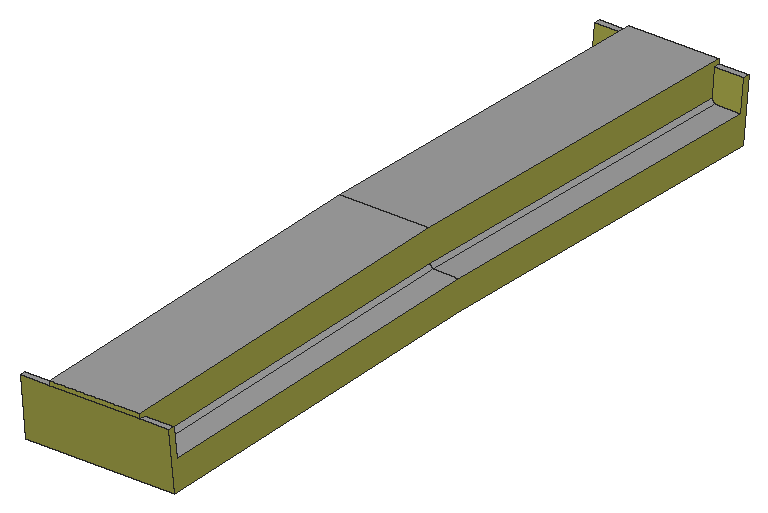
Revit family "8.KCPD_XA MU SUPER T", category Generic Models, Revit 2027
Family settings
  Can host rebar = Yes
  Round Connector Dimension = Use Diameter
  Part Type = Normal
  Work Plane-Based = No
  Always vertical = No
  Cut with Voids When Loaded = No
  Maintain Annotation Orientation = No
  Shared = No
  Room Calculation Point = No
Parameters
  Đơn vị = "CẤU KIỆN"
  XM_W_Right [instance] = if(XM_W > XM_W_Left, XM_W + abs(XM_W - XM_W_Left), XM_W - abs(XM_W - XM_W_Left))  # 4000 mm
  XM_W_Left [instance] = 4000 mm
  XM_W_Goi [instance] = 800 mm
  XM_Vat [instance] = 100 mm
  XM_L_2 [instance] = 19050 mm
  Tên nhóm cấu kiện [instance] = ""
  Tên cấu kiện [instance] = ""
  Tên công trình [instance] = ""
  Tru_H [instance] = 5000 mm
  Thời gian kết thúc [instance] = ""
  Thời gian bắt đầu [instance] = ""
  RebarVolumn [instance] = ""
  Loại bê tông = "C40"
  Khối lượng bê tông [instance] = 0.00 m³
  Keynote = "01000"
  Dốc dọc [instance] = 0.02
  Nhóm cấu kiện = "TRỤ"
  Mô tả [instance] = ""
  Model Material = BÊ TÔNG C40
  Loại cấu kiện = "XÀ MŨ TRỤ"
  Hạng mục = "KẾT CẤU PHẦN DƯỚI"
  XM_H_Goi [instance] = 800 mm
  XM_H [instance] = 1750 mm
  XM_L [instance] = 19450 mm
  Dốc ngang trái [instance] = 0.02
  Dốc ngang phải [instance] = 0.02
  Giá trị [instance] = ""
  Diện tích ván khuôn [instance] = 0.00 m²
  Default Elevation = 0 mm
  XM_T_TT [instance] = 150 mm
  Công trình = "CẦU"
  XM_H_TT [instance] = 820 mm
  C1 [instance] = tan(abs(Góc xoay))  # 0
  Be_H [instance] = 2000 mm
  XM_W_Head [instance] = XM_W - XM_W_Goi * 2  # 2400 mm
  XM_W [instance] = 4000 mm
  Góc xoay [instance] = 0.00°
  A9 [instance] = (XM_L - XM_L_2) * 0.5  # 200 mm
  A8 [instance] = -Dốc dọc  # -0.02
  A6 [instance] = A1 - Dốc ngang trái * XM_L * 0.5  # 6805.5 mm
  A7 [instance] = A1 - Dốc ngang phải * XM_L * 0.5  # 6805.5 mm
  A5 [instance] = if(Góc xoay > 0.00°, -(C1 * (XM_L * 0.5 - XM_T_TT)), C1 * (XM_L * 0.5 - XM_T_TT))  # 0 mm
  A4 [instance] = if(Góc xoay > 0.00°, C1 * (XM_L * 0.5 - XM_T_TT), -(C1 * (XM_L * 0.5 - XM_T_TT)))  # 0 mm
  A3 [instance] = if(Góc xoay > 0.00°, -(C1 * XM_L * 0.5), C1 * XM_L * 0.5)  # 0 mm
  A2 [instance] = if(Góc xoay > 0.00°, C1 * XM_L * 0.5, -(C1 * XM_L * 0.5))  # 0 mm
  A15 [instance] = A7 - 3000 mm * Dốc dọc  # 6745.5 mm
  A14 [instance] = A7 + 3000 mm * Dốc dọc  # 6865.5 mm
  A13 [instance] = A6 - 3000 mm * Dốc dọc  # 6745.5 mm
  A12 [instance] = A6 + 3000 mm * Dốc dọc  # 6865.5 mm
  A11 [instance] = 10000 mm - A3  # 10000 mm
  A100 [instance] = ""
  A10 [instance] = 10000 mm - A2  # 10000 mm
  A1 [instance] = Be_H + Tru_H  # 7000 mm
Reference planes
  plane 1 "Center (Front/Back)": y = 0
  plane 2: z = 0
  plane 3 "Center (Left/Right)": x = 0
  plane 4: y = 9725
  plane 5: y = -9725
  plane 6: z = 0
  plane 7: y = 9525
  plane 8: y = -9525
  plane 9: x = 10000
  plane 10: x = 0
  plane 11: x = 0
  plane 12: x = 2000
  plane 13: x = -2000
  plane 14: x = 2000
  plane 15: x = -2000
  plane 16: x = -3000
  plane 17: x = 3000
  plane 18: x = -3000
  plane 19: x = 3000
  plane 20: x = -10000
Forms (mm)
  SweptBlend 1, solid, material "BÊ TÔNG C40" <- "Model Material"
    path origin (0, 0, 0) x (1, 0, 0) y (0, 1, 0)
      loop
        line (0, 0) -> (0, 9725)
    profile "MC_Xà mũ Super T : MC_Xà mũ Super T" origin (0, 0, 0) x (-1, 0, 0) y (0, 0, 1)
      loop
        line (-2000, 7040) -> (2000, 6960) -> (2000, 7760) -> (1300, 7774) -> (1200, 7874) -> (1200, 8726) -> (-1200, 8774) -> (-1200, 7926) -> (-1300, 7826) -> (-2000, 7840) -> (-2000, 7040)
    end profile "MC_Xà mũ Super T : MC_Xà mũ Super_Trái" origin (0, 9725, 0) x (-1, 0, 0) y (0, 0, 1)
      loop
        line (-2000, 6845.5) -> (2000, 6765.5) -> (2000, 7565.5) -> (1300, 7579.5) -> (1200, 7679.5) -> (1200, 8531.5) -> (-1200, 8579.5) -> (-1200, 7731.5) -> (-1300, 7631.5) -> (-2000, 7645.5) -> (-2000, 6845.5)
  SweptBlend 2, solid, material "BÊ TÔNG C40" <- "Model Material"
    path origin (0, 0, 0) x (1, 0, 0) y (0, 1, 0)
      loop
        line (0, -9725) -> (0, 0)
    profile "MC_Xà mũ Super T : MC_Xà mũ Super T_Phải" origin (0, -9725, 0) x (-1, 0, 0) y (0, 0, 1)
      loop
        line (-2000, 6845.5) -> (2000, 6765.5) -> (2000, 7565.5) -> (1300, 7579.5) -> (1200, 7679.5) -> (1200, 8531.5) -> (-1200, 8579.5) -> (-1200, 7731.5) -> (-1300, 7631.5) -> (-2000, 7645.5) -> (-2000, 6845.5)
    end profile "MC_Xà mũ Super T : MC_Xà mũ Super T" origin (0, 0, 0) x (-1, 0, 0) y (0, 0, 1)
      loop
        line (-2000, 7040) -> (2000, 6960) -> (2000, 7760) -> (1300, 7774) -> (1200, 7874) -> (1200, 8726) -> (-1200, 8774) -> (-1200, 7926) -> (-1300, 7826) -> (-2000, 7840) -> (-2000, 7040)
  SweptBlend 3, void
    path origin (0, 0, 0) x (1, 0, 0) y (0, 1, 0)
      loop
        line (0, -9725) -> (0, -9525)
    profile "MC_Vat_xa mu super T : MC_Vat_xa mu super T" origin (0, -9725, 0) x (-1, 0, 0) y (0, 0, 1)
      loop
        line (-10000, 7005.5) -> (10000, 6605.5) -> (10000, 8225.5) -> (-10000, 8625.5) -> (-10000, 7005.5)
    end profile "MC_Vat_xa mu super T_2 : MC_Vat_xa mu super T_2" origin (0, -9525, 0) x (-1, 0, 0) y (0, 0, 1)
      loop
        line (-10000, 7005.5) -> (-10000, 6005.5) -> (10000, 5605.5) -> (10000, 6605.5) -> (-10000, 7005.5)
  SweptBlend 4, void
    path origin (0, 0, 0) x (1, 0, 0) y (0, 1, 0)
      loop
        line (0, 9725) -> (0, 9525)
    profile "MC_Vat_xa mu super T : MC_Vat_xa mu super T 2" origin (0, 9725, 0) x (1, 0, 0) y (0, 0, 1)
      loop
        line (-10000, 6605.5) -> (10000, 7005.5) -> (10000, 8625.5) -> (-10000, 8225.5) -> (-10000, 6605.5)
    end profile "MC_Vat_xa mu super T_2 : MC_Vat_xa mu super T_2 2" origin (0, 9525, 0) x (1, 0, 0) y (0, 0, 1)
      loop
        line (-10000, 6605.5) -> (-10000, 5605.5) -> (10000, 6005.5) -> (10000, 7005.5) -> (-10000, 6605.5)
  SweptBlend 5, solid, material "BÊ TÔNG C40" <- "Model Material"
    path origin (0, 0, 0) x (1, 0, 0) y (0, 1, 0)
      loop
        line (-3000, 9725) -> (3000, 9725)
    profile "MC_Tuong tai_xa mu_1 : MC_Tuong tai_xa mu_1" origin (-3000, 9725, 0) x (0, 1, 0) y (0, 0, 1)
      loop
        line (-151.139, 8365.5) -> (-301.756, 7145.5) -> (-150.617, 7145.5) -> (0, 8365.5) -> (-151.139, 8365.5)
    end profile "MC_Tuong tai_xa mu_1 : MC_Tuong tai_xa mu_1" origin (3000, 9725, 0) x (0, 1, 0) y (0, 0, 1)
      loop
        line (-151.139, 8485.5) -> (-301.756, 7265.5) -> (-150.617, 7265.5) -> (0, 8485.5) -> (-151.139, 8485.5)
  SweptBlend 6, solid, material "BÊ TÔNG C40" <- "Model Material"
    path origin (0, 0, 0) x (1, 0, 0) y (0, 1, 0)
      loop
        line (3000, -9725) -> (-3000, -9725)
    profile "MC_Tuong tai_xa mu_1 : MC_Tuong tai_xa mu_1" origin (3000, -9725, 0) x (0, -1, 0) y (0, 0, 1)
      loop
        line (-151.139, 8485.5) -> (-301.756, 7265.5) -> (-150.617, 7265.5) -> (0, 8485.5) -> (-151.139, 8485.5)
    end profile "MC_Tuong tai_xa mu_1 : MC_Tuong tai_xa mu_1" origin (-3000, -9725, 0) x (0, -1, 0) y (0, 0, 1)
      loop
        line (-151.139, 8365.5) -> (-301.756, 7145.5) -> (-150.617, 7145.5) -> (0, 8365.5) -> (-151.139, 8365.5)
  Extrusion 7, void
    sketch origin (0, 0, 0) x (1, 0, 0) y (0, 1, 0)
      loop
        line (2000, -9725) -> (10000, -9725) -> (10000, 9725) -> (2000, 9725) -> (2000, -9725)
    from -50000 to 50000
  Extrusion 8, void
    sketch origin (0, 0, 0) x (1, 0, 0) y (0, 1, 0)
      loop
        line (-2000, -9725) -> (-2000, 9725) -> (-10000, 9725) -> (-10000, -9725) -> (-2000, -9725)
    from -50000 to 50000
Cuts and joins
  SweptBlend 3, SweptBlend 4, Extrusion 7 cuts SweptBlend 1
  SweptBlend 3, SweptBlend 4, Extrusion 7 cuts SweptBlend 2
  Extrusion 7, Extrusion 8 cuts SweptBlend 5
  Extrusion 7, Extrusion 8 cuts SweptBlend 6
  joined: SweptBlend 1, SweptBlend 2, SweptBlend 5, SweptBlend 6
Dimensions and locks
  equal spacing: plane 4, plane 1 "Center (Front/Back)", plane 5
  "XM_L": plane 4 to plane 5
  cut or joined group of SweptBlend 1, SweptBlend 2, SweptBlend 3, SweptBlend 4, SweptBlend 5, SweptBlend 6, Extrusion 7, Extrusion 8 to cut or joined group of SweptBlend 1, SweptBlend 2, SweptBlend 3, SweptBlend 4, SweptBlend 5, SweptBlend 6, Extrusion 7, Extrusion 8 to cut or joined group of SweptBlend 1, SweptBlend 2, SweptBlend 3, SweptBlend 4, SweptBlend 5, SweptBlend 6, Extrusion 7, Extrusion 8 = 3200 mm, 800 mm
  cut or joined group of SweptBlend 1, SweptBlend 2, SweptBlend 3, SweptBlend 4, SweptBlend 5, SweptBlend 6, Extrusion 7, Extrusion 8 to cut or joined group of SweptBlend 1, SweptBlend 2, SweptBlend 3, SweptBlend 4, SweptBlend 5, SweptBlend 6, Extrusion 7, Extrusion 8 to cut or joined group of SweptBlend 1, SweptBlend 2, SweptBlend 3, SweptBlend 4, SweptBlend 5, SweptBlend 6, Extrusion 7, Extrusion 8 = 934 mm, 800 mm
  equal spacing: plane 7, plane 1 "Center (Front/Back)", plane 8
  "XM_L_2": plane 7 to plane 8
  locked: plane 3 "Center (Left/Right)" to plane 9 at 10000
  "A10": plane 10 to plane 9
  "A11": plane 11 to plane 9
  equal spacing: plane 13, plane 10, plane 12
  "XM_W_Left": plane 13 to plane 12
  equal spacing: plane 15, plane 11, plane 14
  "XM_W_Right": plane 15 to plane 14
  locked: plane 16 to plane 10 at 3000
  locked: plane 10 to plane 17 at 3000
  locked: plane 18 to plane 11 at 3000
  locked: plane 11 to plane 19 at 3000
  locked: plane 20 to plane 3 "Center (Left/Right)" at 10000
  aligned and locked: level to plane 2
  aligned and locked: plane 1 "Center (Front/Back)" to SweptBlend 1 sketch curve
  aligned and locked: plane 4 to SweptBlend 1 sketch curve
  aligned and locked: plane 3 "Center (Left/Right)" to SweptBlend 1 sketch curve
  aligned and locked: plane 5 to SweptBlend 2 sketch curve
  aligned and locked: SweptBlend 1 to SweptBlend 2 sketch curve
  aligned and locked: SweptBlend 2 sketch curve to plane 3 "Center (Left/Right)"
  aligned and locked: SweptBlend 1 to plane 4
  aligned and locked: plane 5 to SweptBlend 3 sketch curve
  aligned and locked: plane 8 to SweptBlend 3 sketch curve
  aligned and locked: SweptBlend 3 sketch curve to plane 3 "Center (Left/Right)"
  aligned and locked: SweptBlend 4 sketch curve to plane 3 "Center (Left/Right)"
  aligned and locked: plane 7 to SweptBlend 4 sketch curve
  aligned and locked: plane 4 to SweptBlend 4 sketch curve
  aligned and locked: plane 16 to SweptBlend 5 sketch curve
  aligned and locked: plane 17 to SweptBlend 5 sketch curve
  aligned and locked: SweptBlend 5 sketch curve to plane 4
  aligned and locked: plane 19 to SweptBlend 6 sketch curve
  aligned and locked: plane 18 to SweptBlend 6 sketch curve
  aligned and locked: SweptBlend 6 sketch curve to plane 5
  aligned and locked: plane 5 to Extrusion 7 sketch curve
  aligned and locked: plane 14 to Extrusion 7 sketch curve
  aligned and locked: plane 9 to Extrusion 7 sketch curve  (x2)
  aligned and locked: Extrusion 7 sketch curve to plane 4  (x2)
  aligned and locked: plane 12 to Extrusion 7 sketch curve
  aligned and locked: Extrusion 8 sketch curve to plane 20
  aligned and locked: plane 20 to Extrusion 8 sketch curve
  aligned and locked: plane 4 to Extrusion 8 sketch curve  (x2)
  aligned and locked: plane 13 to Extrusion 8 sketch curve
  aligned and locked: Extrusion 8 sketch curve to plane 5
  aligned and locked: plane 15 to Extrusion 8 sketch curve
  aligned and locked: plane 5 to Extrusion 8 sketch curve
